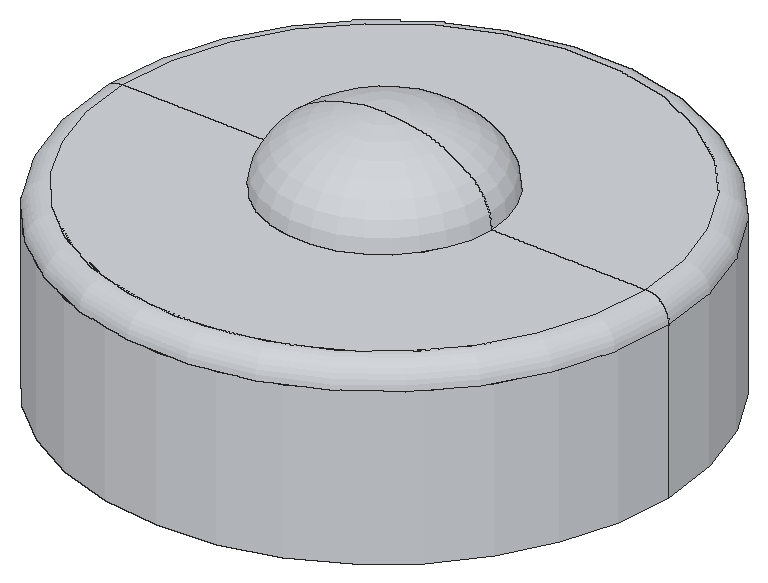
Revit family "Occupancy Sensor", category Lighting Devices, host Face, Revit 2025
Family settings
  Host = Face
  Round Connector Dimension = Use Diameter
  Part Type = Normal
  Cut with Voids When Loaded = No
  Maintain Annotation Orientation = No
  Shared = No
  Room Calculation Point = No
Parameters
  Default Elevation = 48"
Reference planes (in)
  plane 1 "Center (Front/Back)": y = 0
  plane 2: z = 0
  plane 3 "Center (Left/Right)": x = 0
  plane 4: x = 1.6
Forms (in)
  Revolve 1, solid
    sketch origin (0, 0, 0) x (1, 0, 0) y (0, 0, 1)
      loop
        spline (0.60343, 1) -> (0.59827, 1.04973) -> (0.58287, 1.09861) -> (0.55749, 1.1458) -> (0.52258, 1.1905) -> (0.47873, 1.23194) -> (0.42669, 1.26941) -> (0.36734, 1.30227) -> (0.30171, 1.32996) -> (0.23092, 1.352) -> (0.15618, 1.36802) -> (0.07876, 1.37774) -> (0, 1.381)
        line (0, 1.381) -> (0, 0) -> (1.6, 0) -> (1.6, 0.86943)
        arc (1.6, 0.86943) -> (1.56176, 0.96176) -> (1.46943, 1) r 0.13057
        line (1.46943, 1) -> (0.60343, 1)
      axis (0, 1.381) -> (0, 0)
    angle from 0 to 360
Dimensions and locks (in)
  Revolve 1 sketch curve to plane 2 = 1"
  plane 4 to plane 3 "Center (Left/Right)" = 1.6"
  aligned and locked: plane 2 to host face
  aligned and locked: level to host face
Nested families (in)
  nested 1: "Symbol" at (0, 0, 0), type "Family6"
Definition of nested family "Symbol"
  Reference planes (in)
    plane 1: y = 0
    plane 2: x = 0
  Lines and regions (in)
    detail lines
      curve 1: circle (0, 0, 0) r 0.125 normal (0, 0, 1)
  Text (in)
    text "OS" at (0.00292, -0.00402, 0)
